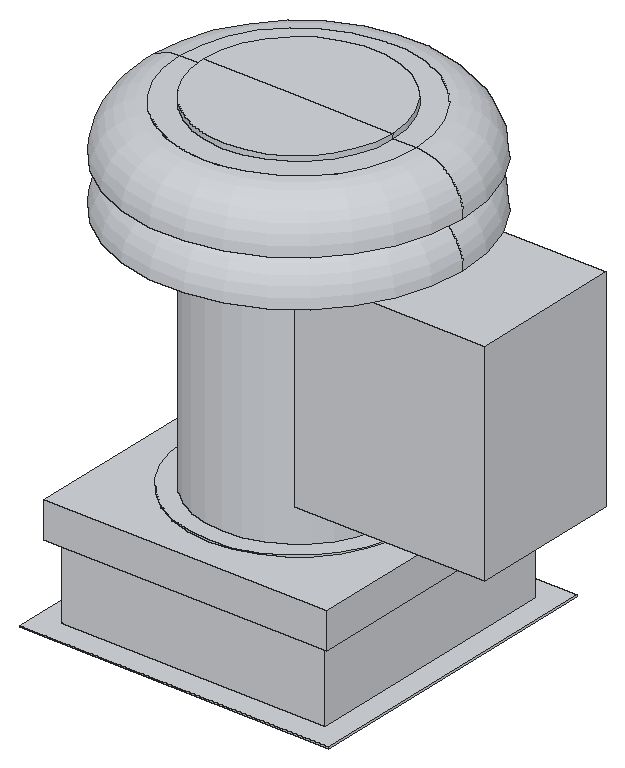
Revit family "TCNHE-B", category Mechanical Equipment, Revit 2019
Family settings
  Round Connector Dimension = Use Diameter
  Part Type = Normal
  Work Plane-Based = No
  Always vertical = Yes
  Cut with Voids When Loaded = No
  Shared = No
  Room Calculation Point = No
Parameters (values of type "80_TCNHE-B")
  Unit Weight [instance] = ""
  T_SQ/2 = T_SQ / 2  # 1' - 0"
  T_SQ = 2' - 0"
  Sones [instance] = ""
  RO/2 = RO / 2  # 0' - 9 3/4"
  RO = T_SQ - 0' 4 1/2"  # 1' - 7 1/2"
  Motor RPM [instance] = ""
  Motor Enclosure [instance] = ""
  ModelID [instance] = ""
  LwA [instance] = ""
  J/2 = J / 2  # 0' - 6 1/2"
  J = 1' - 1"
  H = 2' - 8 15/16"
  G = 1' - 6"
  Fan RPM [instance] = ""
  FAN_RAD = FAN_DIA / 2  # 0' - 8"
  FAN_DIA = 1' - 4"
  F = 2' - 9 1/4"
  E+A-1"-G = E + A - 0' 1" - G  # 0' - 6"
  E+A-1" = E + A - 0' 1"  # 2' - 0"
  E = 0' - 3"  # constant formula
  D/2 = D / 2  # 0' - 8"
  D = 1' - 4"
  CURB_HEIGHT [instance] = 0' - 9 1/2"
  CURB [instance] = yes
  C/2 = C / 2  # 1' - 2 1/8"
  C = 2' - 4 1/4"
  B = 0' - 9"
  Accessories [instance] = ""
  A-.5" = A - 0' 0 1/2"  # 1' - 9 1/2"
  A = 1' - 10"
  5" = 0' - 5"  # constant formula
  3" = 0' - 3"  # constant formula
  Brake Hp [instance] = ""
  4" = 0' - 4"  # constant formula
  2' = 2' - 0"
  2" = 0' - 2"  # constant formula
  1" = 0' - 1"  # constant formula
  0 = 0' - 0"  # constant formula
  Voltage [instance] = 0 V
  URL = "www.lorencook.com"
  Type Comments = "Tubular Centrifugal Inline Roof Mounted / Exhaust Belt Drive"  # constant formula
  Static Pressure [instance] = 0.00 in-wg
  Power [instance] = Voltage * Motor FLA * sqrt(if(Phase = 3, 3, 1))  # 0 VA
  Phase [instance] = 0
  Number of Poles [instance] = 1
  Motor Hp [instance] = "0"
  Motor FLA [instance] = 0 A
  Model = "TCNHE-B"  # constant formula
  Manufacturer = "Loren Cook Company"
  CFM [instance] = 0 CFM
  1.5 = 0' - 1 1/2"  # constant formula
  ONE EIGTH = 0' - 0 1/8"  # constant formula
  (T_SQ/2)+.125" = (T_SQ / 2) + 0' 0 1/8"  # 1' - 0 1/8"
  (D+.25")/2 = (D + 0' 0 1/4") / 2  # 0' - 8 1/8"
  (B/2)-.5" = (B / 2) - 0' 0 1/2"  # 0' - 4"
Types (16): name | T_SQ/2 | T_SQ | RO/2 | RO | J/2 | J | H | G | FAN_RAD | FAN_DIA | F | E+A-1"-G | E+A-1" | D/2 | D | C/2 | C | B | A-.5" | A | (T_SQ/2)+.125" | (D+.25")/2 | (B/2)-.5"
  (no name) | 1' - 0" | 2' - 0" | 0' - 9 3/4" | 1' - 7 1/2" | 0' - 6 1/2" | 1' - 1" | 2' - 8 15/16" | 1' - 6" | 0' - 8" | 1' - 4" | 2' - 9 1/4" | 0' - 6" | 2' - 0" | 0' - 8" | 1' - 4" | 1' - 2 1/8" | 2' - 4 1/4" | 0' - 9" | 1' - 9 1/2" | 1' - 10" | 1' - 0 1/8" | 0' - 8 1/8" | 0' - 4"
  100_TCNHE-B | 1' - 0" | 2' - 0" | 0' - 9 3/4" | 1' - 7 1/2" | 0' - 6 1/2" | 1' - 1" | 2' - 8 15/16" | 1' - 6" | 0' - 8" | 1' - 4" | 2' - 9 1/4" | 0' - 6" | 2' - 0" | 0' - 8" | 1' - 4" | 1' - 2 1/8" | 2' - 4 1/4" | 0' - 9" | 1' - 9 1/2" | 1' - 10" | 1' - 0 1/8" | 0' - 8 1/8" | 0' - 4"
  120_TCNHE-B | 1' - 0" | 2' - 0" | 0' - 9 3/4" | 1' - 7 1/2" | 0' - 6 1/2" | 1' - 1" | 2' - 9 15/16" | 1' - 6" | 0' - 9" | 1' - 6" | 2' - 11" | 0' - 7" | 2' - 1" | 0' - 9" | 1' - 6" | 1' - 2 1/8" | 2' - 4 1/4" | 0' - 9" | 1' - 10 1/2" | 1' - 11" | 1' - 0 1/8" | 0' - 9 1/8" | 0' - 4"
  135_TCNHE-B | 1' - 2" | 2' - 4" | 0' - 11 3/4" | 1' - 11 1/2" | 0' - 6 1/2" | 1' - 1" | 3' - 5 1/4" | 1' - 6" | 0' - 10 1/2" | 1' - 9" | 3' - 3 1/8" | 0' - 8 1/2" | 2' - 2 1/2" | 0' - 10 1/2" | 1' - 9" | 1' - 9 1/8" | 3' - 6 1/4" | 1' - 2" | 2' - 0" | 2' - 0 1/2" | 1' - 2 1/8" | 0' - 10 5/8" | 0' - 6 1/2"
  150_TCNHE-B | 1' - 3" | 2' - 6" | 1' - 0 3/4" | 2' - 1 1/2" | 0' - 8 3/8" | 1' - 4 3/4" | 3' - 7 3/4" | 1' - 10" | 1' - 0" | 2' - 0" | 3' - 5 3/4" | 0' - 7" | 2' - 5" | 1' - 0" | 2' - 0" | 1' - 9 1/8" | 3' - 6 1/4" | 1' - 2" | 2' - 2 1/2" | 2' - 3" | 1' - 3 1/8" | 1' - 0 1/8" | 0' - 6 1/2"
  165_TCNHE-B | 1' - 3" | 2' - 6" | 1' - 0 3/4" | 2' - 1 1/2" | 0' - 8 3/8" | 1' - 4 3/4" | 3' - 9 1/4" | 1' - 10" | 1' - 1" | 2' - 2" | 3' - 7 3/16" | 0' - 8 1/2" | 2' - 6 1/2" | 1' - 1" | 2' - 2" | 1' - 9 1/8" | 3' - 6 1/4" | 1' - 2" | 2' - 4" | 2' - 4 1/2" | 1' - 3 1/8" | 1' - 1 1/8" | 0' - 6 1/2"
  180_TCNHE-B | 1' - 6" | 3' - 0" | 1' - 3 3/4" | 2' - 7 1/2" | 0' - 8 3/8" | 1' - 4 3/4" | 3' - 11 3/4" | 1' - 10" | 1' - 2" | 2' - 4" | 3' - 11 9/16" | 0' - 11" | 2' - 9" | 1' - 2" | 2' - 4" | 1' - 9 1/8" | 3' - 6 1/4" | 1' - 2" | 2' - 6 1/2" | 2' - 7" | 1' - 6 1/8" | 1' - 2 1/8" | 0' - 6 1/2"
  195_TCNHE-B | 1' - 7" | 3' - 2" | 1' - 4 3/4" | 2' - 9 1/2" | 0' - 8 3/8" | 1' - 4 3/4" | 5' - 6 3/4" | 1' - 10" | 1' - 3 1/2" | 2' - 7" | 4' - 2 7/16" | 1' - 1 1/4" | 2' - 11 1/4" | 1' - 3 1/2" | 2' - 7" | 2' - 2 1/4" | 4' - 4 1/2" | 2' - 7" | 2' - 8 3/4" | 2' - 9 1/4" | 1' - 7 1/8" | 1' - 3 5/8" | 1' - 3"
  210_TCNHE-B | 1' - 9" | 3' - 6" | 1' - 6 3/4" | 3' - 1 1/2" | 0' - 8 3/8" | 1' - 4 3/4" | 5' - 8" | 1' - 10" | 1' - 5" | 2' - 10" | 4' - 6 1/4" | 1' - 2 1/2" | 3' - 0 1/2" | 1' - 5" | 2' - 10" | 2' - 2 1/4" | 4' - 4 1/2" | 2' - 7" | 2' - 10" | 2' - 10 1/2" | 1' - 9 1/8" | 1' - 5 1/8" | 1' - 3"
  225_TCNHE-B | 1' - 9" | 3' - 6" | 1' - 6 3/4" | 3' - 1 1/2" | 0' - 9" | 1' - 6" | 5' - 9" | 2' - 1" | 1' - 6" | 3' - 0" | 4' - 11" | 1' - 0 1/2" | 3' - 1 1/2" | 1' - 6" | 3' - 0" | 2' - 2 1/4" | 4' - 4 1/2" | 2' - 7" | 2' - 11" | 2' - 11 1/2" | 1' - 9 1/8" | 1' - 6 1/8" | 1' - 3"
  245_TCNHE-B | 2' - 0" | 4' - 0" | 1' - 9 3/4" | 3' - 7 1/2" | 0' - 9" | 1' - 6" | 6' - 4" | 2' - 1" | 1' - 8" | 3' - 4" | 5' - 4 5/16" | 1' - 6" | 3' - 7" | 1' - 8" | 3' - 4" | 2' - 7 1/4" | 5' - 2 1/2" | 2' - 9" | 3' - 4 1/2" | 3' - 5" | 2' - 0 1/8" | 1' - 8 1/8" | 1' - 4"
  270_TCNHE-B | 2' - 3" | 4' - 6" | 2' - 0 3/4" | 4' - 1 1/2" | 0' - 10 1/2" | 1' - 9" | 6' - 1 3/4" | 2' - 6" | 1' - 10" | 3' - 8" | 5' - 11 11/16" | 1' - 6 1/2" | 4' - 0 1/2" | 1' - 10" | 3' - 8" | 3' - 0 1/2" | 6' - 1" | 2' - 1" | 3' - 10" | 3' - 10 1/2" | 2' - 3 1/8" | 1' - 10 1/8" | 1' - 0"
  300_TCNHE-B | 2' - 3" | 4' - 6" | 2' - 0 3/4" | 4' - 1 1/2" | 0' - 10 1/2" | 1' - 9" | 6' - 3 1/2" | 2' - 6" | 2' - 0" | 4' - 0" | 6' - 1 15/16" | 1' - 8 1/4" | 4' - 2 1/4" | 2' - 0" | 4' - 0" | 3' - 0 1/2" | 6' - 1" | 2' - 1" | 3' - 11 3/4" | 4' - 0 1/4" | 2' - 3 1/8" | 2' - 0 1/8" | 1' - 0"
  60_TCNHE-B | 1' - 0" | 2' - 0" | 0' - 9 3/4" | 1' - 7 1/2" | 0' - 6 1/2" | 1' - 1" | 2' - 8 15/16" | 1' - 6" | 0' - 8" | 1' - 4" | 2' - 9 1/4" | 0' - 6" | 2' - 0" | 0' - 8" | 1' - 4" | 1' - 2 1/8" | 2' - 4 1/4" | 0' - 9" | 1' - 9 1/2" | 1' - 10" | 1' - 0 1/8" | 0' - 8 1/8" | 0' - 4"
  70_TCNHE-B | 1' - 0" | 2' - 0" | 0' - 9 3/4" | 1' - 7 1/2" | 0' - 6 1/2" | 1' - 1" | 2' - 8 15/16" | 1' - 6" | 0' - 8" | 1' - 4" | 2' - 9 1/4" | 0' - 6" | 2' - 0" | 0' - 8" | 1' - 4" | 1' - 2 1/8" | 2' - 4 1/4" | 0' - 9" | 1' - 9 1/2" | 1' - 10" | 1' - 0 1/8" | 0' - 8 1/8" | 0' - 4"
  80_TCNHE-B | 1' - 0" | 2' - 0" | 0' - 9 3/4" | 1' - 7 1/2" | 0' - 6 1/2" | 1' - 1" | 2' - 8 15/16" | 1' - 6" | 0' - 8" | 1' - 4" | 2' - 9 1/4" | 0' - 6" | 2' - 0" | 0' - 8" | 1' - 4" | 1' - 2 1/8" | 2' - 4 1/4" | 0' - 9" | 1' - 9 1/2" | 1' - 10" | 1' - 0 1/8" | 0' - 8 1/8" | 0' - 4"
Reference planes (in)
  plane 1 "Center (Front/Back)": y = 0
  plane 2: z = 0
  plane 3 "Center (Left/Right)": x = 0.40541
Forms (in)
  Extrusion 1, solid
    sketch origin (0, 0, 0) x (1, 0, 0) y (0, 1, 0)
      loop
        line (-11.71959, 12.125) -> (-11.71959, -12.125) -> (12.53041, -12.125) -> (12.53041, 12.125) -> (-11.71959, 12.125)
    from 0 to 3 <- "E"
  Extrusion 2, void
    sketch origin (0, 0, 0) x (1, 0, 0) y (0, 1, 0)
      loop
        line (-11.59459, 12) -> (-11.59459, -12) -> (12.40541, -12) -> (12.40541, 12) -> (-11.59459, 12)
    from 0 to 2.875
  Revolve 3, solid
    sketch origin (0, 0, 0) x (1, 0, 0) y (0, 0, 1)
      loop
        line (0.40541, 3) -> (10.03041, 3) -> (10.03041, 3.125) -> (8.53041, 3.125) -> (8.53041, 24.5) -> (14.53041, 24.5)
        arc (14.53041, 24.5) -> (13.35884, 27.32843) -> (10.53041, 28.5) r 4
        line (10.53041, 28.5) -> (14.53041, 28.5)
        arc (14.53041, 28.5) -> (13.35884, 31.32843) -> (10.53041, 32.5) r 4
        line (10.53041, 32.5) -> (8.53041, 32.5) -> (8.53041, 32.9375) -> (0.40541, 32.9375) -> (0.40541, 3)
      axis (0.40541, 32.9375) -> (0.40541, 3)
    angle from 0 to 360
  Extrusion 4, solid
    sketch origin (0, 0, 0) x (1, 0, 0) y (0, 1, 0)
      loop
        arc (5.28041, 6.5) -> (8.53041, 0) -> (5.28041, -6.5) r 8.125
        line (5.28041, -6.5) -> (21.53041, -6.5) -> (21.53041, 6.5) -> (5.28041, 6.5)
    from 6 <- "E+A-1"-G" to 24 <- "E+A-1""
  Extrusion 5, solid, visible <- "CURB"
    sketch origin (0, 0, 2.875) x (0, 1, 0) y (1, 0, 0)
      loop
        line (-9.75, -9.34459) -> (9.75, -9.34459) -> (9.75, 10.15541) -> (-9.75, 10.15541) -> (-9.75, -9.34459)
      loop
        line (11.25, 11.65541) -> (-11.25, 11.65541) -> (-11.25, -10.84459) -> (11.25, -10.84459) -> (11.25, 11.65541)
    from 0 to 9.5 <- "CURB_HEIGHT"
  Extrusion 6, solid, visible <- "CURB"
    sketch origin (0, 0, -6.625) x (-1, 0, 0) y (0, 1, 0)
      loop
        line (10.84459, -11.25) -> (10.84459, 11.25) -> (-11.65541, 11.25) -> (-11.65541, -11.25) -> (10.84459, -11.25)
      loop
        line (-13.65541, 13.25) -> (-13.65541, -13.25) -> (12.84459, -13.25) -> (12.84459, 13.25) -> (-13.65541, 13.25)
    from 0 to -0.125
Cuts and joins
  Extrusion 2 cuts Extrusion 1
Dimensions and locks (in)
  "(T_SQ/2)+.125"": Extrusion 1 sketch curve to plane 3 "Center (Left/Right)"
  "(T_SQ/2)+.125"": plane 3 "Center (Left/Right)" to Extrusion 1 sketch curve
  "(T_SQ/2)+.125"": plane 1 "Center (Front/Back)" to Extrusion 1 sketch curve
  "(T_SQ/2)+.125"": Extrusion 1 sketch curve to plane 1 "Center (Front/Back)"
  "ONE EIGTH": Extrusion 2 sketch curve to Extrusion 1  (x2)
  "ONE EIGTH": Extrusion 1 to Extrusion 2 sketch curve  (x2)
  "0": Revolve 3 sketch curve to cut or joined group of Extrusion 1, Extrusion 2
  "ONE EIGTH": Revolve 3 sketch curve to Revolve 3 sketch curve
  "0": Revolve 3 sketch curve to plane 3 "Center (Left/Right)"  (x2)
  "(D+.25")/2": Revolve 3 sketch curve to plane 3 "Center (Left/Right)"  (x2)
  "H": Revolve 3 sketch curve to level
  "A-.5"": Revolve 3 sketch curve to Revolve 3 sketch curve
  "0": Revolve 3 sketch curve to Revolve 3 sketch curve
  "(B/2)-.5"": Revolve 3 sketch curve to Revolve 3 sketch curve  (x2)
  "1.5": Revolve 3 sketch curve to Revolve 3 sketch curve
  "0": Extrusion 4 sketch curve to plane 3 "Center (Left/Right)"
  "0": Extrusion 4 sketch curve to plane 1 "Center (Front/Back)"
  "J/2": plane 1 "Center (Front/Back)" to Extrusion 4 sketch curve
  "J/2": Extrusion 4 sketch curve to plane 1 "Center (Front/Back)"
  "F": cut or joined group of Extrusion 1, Extrusion 2 to Extrusion 4 sketch curve
  "1.5": Extrusion 5 sketch curve to Extrusion 5 sketch curve  (x4)
  "RO/2": Extrusion 5 sketch curve to plane 3 "Center (Left/Right)"
  "RO/2": plane 3 "Center (Left/Right)" to Extrusion 5 sketch curve
  "RO/2": Extrusion 5 sketch curve to plane 1 "Center (Front/Back)"  (x2)
  "2"": Extrusion 6 sketch curve to Extrusion 6 sketch curve  (x4)
  "0": Extrusion 5 to Extrusion 6 sketch curve
  "0": Extrusion 6 sketch curve to Extrusion 5  (x3)
  "(B/2)-.5"": radius of Revolve 3 sketch curve  (x2)
  "(D+.25")/2": radius of Extrusion 4 sketch curve
Automatic sketch dimensions
  Revolve 3 sketch curve to level = 0' - 0"
  Revolve 3 sketch curve to Revolve 3 sketch curve = 0' - 2"
  Revolve 3 sketch curve to Revolve 3 sketch curve = 0' - 0"
  Revolve 3 sketch curve to level = 0' - 4"
  Extrusion 4 sketch curve to Extrusion 4 sketch curve = 0' - 0"
Connectors (in)
  electrical at (13.40541, 0, 6)
    settings: on Extrusion 4, index 1, voltage 0 V, apparent load 0 VA, apparent load phase1 0 VA, apparent load phase2 0 VA, apparent load phase3 0 VA, power factor 1, load classification "Other", number of poles 1, system type 30, power factor state 1, is connector primary yes, connector utility no, sub classification motor no, connector description ""
  hvac at (0.40541, 0, 3), driven by "CFM", driven by "RO", driven by "RO"
    settings: on cut or joined group of Extrusion 1, Extrusion 2, index 2, duct flow 0 CFM, flow factor 0, pres drop 0.00 in-wg, loss coef 0, conn angle 0.00°, conn width 19 1/2", conn height 19 1/2", conn diameter 24", duct sys type 3, conn prof type 1, flow config 0, flow direction 1, loss method 0, conn ref index -1, conn util no, is conn primary yes, conn desc ""
